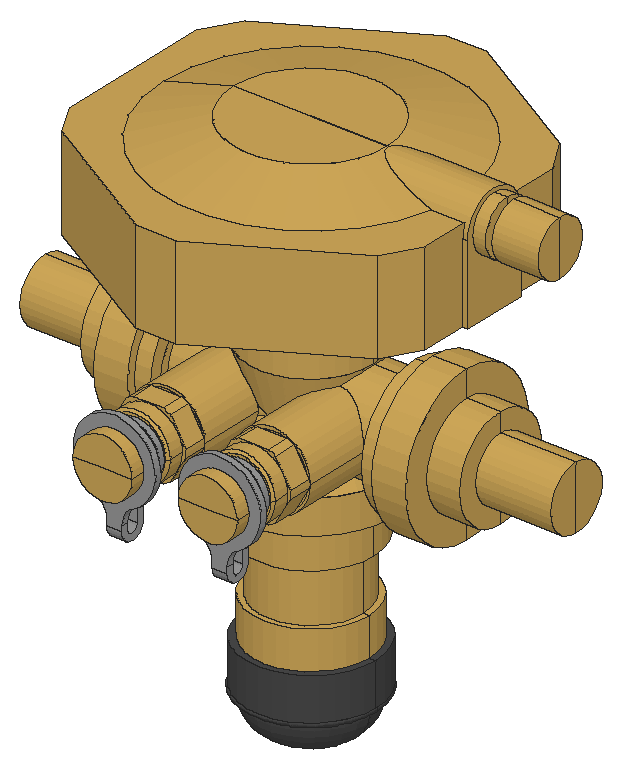
Revit family "Pressure independent control valve 4001", category Rohrzubehör, Revit 2018
Family settings
  Bemaßung runder Anschluss = Durchmesser verwenden
  Teiletyp = Unterbricht
  OmniClass-Nummer = 23.65.55.14
  OmniClass-Titel = Valves for Liquid Services
  Arbeitsebenenbasiert = Nein
  Immer vertikal = Ja
  Beim Laden mit Abzugskörper schneiden = Nein
  Gemeinsam genutzt = Nein
Parameters
  min. Operating temperature (frost protection) = -20 °C  # constant formula
  max. Operating temperature up to DN32 = 130 °C  # constant formula
  max. Operating temperature from DN40 = 110 °C  # constant formula
  max. Operating pressure = 1600000.0 Pa  # constant formula
  VRL04 = 8.000 mm  # constant formula
  VRL03 [instance] = L01 + 4.000 mm  # 12.000 mm
  VRL02 = 18.000 mm  # constant formula
  VRL01 [instance] = size_lookup("4001_", "VRL1", 30.000 mm, Nennweite)  # 30.000 mm
  URL = "www.herzvalves.com"
  SCRNSEQ = "ARM;ARM_TYP=\"DURR\";2"
  SCRNCODE = "05;04;02"  # constant formula
  S05 [instance] = VRL01  # 30.000 mm
  S04 [instance] = H08 + (S03 / 2)  # 45.750 mm
  S03 [instance] = H09 + 4.700 mm  # 26.500 mm
  S02 [instance] = VRD01 * 2  # 36.400 mm
  S01 = 10.000 mm  # constant formula
  R12 = 3.900 mm  # constant formula
  R11 = 6.500 mm  # constant formula
  R10 = 35.000 mm  # constant formula
  R09 = 18.250 mm  # constant formula
  R08 = 11.300 mm  # constant formula
  R07 [instance] = size_lookup("4001_", "R7", 17.300 mm, Nennweite)  # 17.300 mm
  R06 [instance] = size_lookup("4001_", "R6", 19.000 mm, Nennweite)  # 19.000 mm
  R05 = 15.000 mm  # constant formula
  R04 = 12.500 mm  # constant formula
  R02 [instance] = size_lookup("4001_", "R2", 15.000 mm, Nennweite)  # 15.000 mm
  R01 [instance] = size_lookup("4001_", "R1", 11.500 mm, Nennweite)  # 11.500 mm
  PN = 16  # constant formula
  Nennweite [instance] = 15.000 mm
  min. Operating temperature (pure water) = 2 °C  # constant formula
  Membranes and O-Rings = "EPDM"  # constant formula
  Medium = "water purity in accordance with the ÖNORM H 5195 and VDI 2035 standards\r\nethylene and propylene glycol can be mixed to a ratio of 25 - 50 vol. [%]."
  L06 [instance] = L00 / 2  # 33.000 mm
  L05 = 11.000 mm  # constant formula
  L04 = 1.500 mm  # constant formula
  L03 = 3.200 mm  # constant formula
  L02 = 43.500 mm  # constant formula
  L01 [instance] = size_lookup("4001_", "L1", 8.000 mm, Nennweite)  # 8.000 mm
  L00 [instance] = size_lookup("4001_", "L", 66.000 mm, Nennweite)  # 66.000 mm
  Hersteller = "Herz-Armaturen GmbH"  # constant formula
  H13 [instance] = H02 - H05 - H03 - H04 - 2.000 mm  # 17.700 mm
  H12 = 19.250 mm  # constant formula
  H11 [instance] = size_lookup("4001_", "H11", 59.000 mm, Nennweite)  # 59.000 mm
  H10 [instance] = H08 + H09  # 54.300 mm
  H09 = 21.800 mm  # constant formula
  H08 [instance] = H01 + H06 + H07  # 32.500 mm
  H07 = 4.000 mm  # constant formula
  H06 [instance] = size_lookup("4001_", "H6", 10.000 mm, Nennweite)  # 10.000 mm
  H05 = 9.000 mm  # constant formula
  H04 [instance] = size_lookup("4001_", "H4", 9.600 mm, Nennweite)  # 9.600 mm
  H03 [instance] = size_lookup("4001_", "H3", 13.000 mm, Nennweite)  # 13.000 mm
  H02 [instance] = size_lookup("4001_", "H2", 55.300 mm, Nennweite)  # 51.300 mm
  H01 [instance] = size_lookup("4001_", "H1", 18.500 mm, Nennweite)  # 18.500 mm
  Body = "dezincification-resistant brass"  # constant formula
  VRG03 [instance] = Nennweite / 2  # 7.500 mm
  G02 [instance] = size_lookup("4001_", "G2", 13.900 mm, Nennweite)  # 13.900 mm
  G01 [instance] = size_lookup("4001_", "G1", 13.200 mm, Nennweite)  # 13.200 mm
  DN50 [instance] = Nennweite = 50.000 mm  # no
  DN40 [instance] = Nennweite = 40.000 mm  # no
  DN32 [instance] = Nennweite = 32.000 mm  # no
  DN25 [instance] = Nennweite = 25.000 mm  # no
  DN20 [instance] = Nennweite = 20.000 mm  # no
  DN15 [instance] = Nennweite = 15.000 mm  # yes
  VRD03 [instance] = VRG03 + 4.500 mm  # 12.000 mm
  VRD02 [instance] = G01 + 3.000 mm  # 16.200 mm
  VRD01 [instance] = G01 + 5.000 mm  # 18.200 mm
  Bestellnummer Verschraubung [instance] = size_lookup("4001_", "Vrnr", 0, Nennweite)  # 1621011
  Bestellnummer [instance] = size_lookup("4001_", "Artnr", 0, Nennweite)  # 1400121
  Application = "the Pressure Independent Balancing Valve (PIBV) is used in all heating and cooling systems with circulation pumps.\r\nthe valve automatically maintains flow to the required part of the system at the set rate by measuring and immediately adjusting to any variation in pressure.\r\nno additional measurements are necessary and the correct flow rate is achieved at all operating conditions.\r\nthe diaphragm responds to the pressure upstream and downstream of the regulating valve (via an internal impulse line).\r\nthe valve settings directly affect the volumetric flow through the valve.\r\nit is thus possible to set the maximum flow rate based on the flow chart when the valve is fitted.\r\nthis allows for the balancing of heating circuits, cooling water systems, ceiling cooling and heating panels, air heaters, etc. without any need to first assess the pressure variations in the system.\r\nin addition to the PIBV, HERZ Ball Valves (2190) can be fitted in the corresponding flow pipe.\r\nif control measurements of the flow rate are required, then STRÖMAX-M valves (4017 M, 4117 M, 4217 GM) must be fitted instead."
Reference planes
  plane 1 "Mitte (Vorne/hinten)": y = 0
  plane 2: z = 0
  plane 3 "Mitte (Links/rechts)": x = 0
Forms (mm)
  Revolve 1, solid, material "Messing, weicher Gelbton, geschweißt", detail levels fine
    sketch origin (0, 0, 0) x (1, 0, 0) y (0, 0, 1)
      loop
        line (-33, 0) -> (33, 0) -> (33, 13.2) -> (25, 13.2) -> (25, 11.5) -> (-25, 11.5) -> (-25, 13.2) -> (-33, 13.2) -> (-33, 0)
      axis (-33, 0) -> (33, 0)
    angle from 0 to 360
  Revolve 2, solid, material "Messing, weicher Gelbton, geschweißt", detail levels fine
    sketch origin (0, 0, 0) x (1, 0, 0) y (0, 0, 1)
      loop
        line (0, -51.3) -> (0, 18.5) -> (-15, 18.5) -> (-15, 11.5) -> (-11.5, 0) -> (-19, -11.5) -> (-19, -19.7) -> (-15, -19.7) -> (-15, -29.3) -> (-12.5, -29.3) -> (-12.5, -42.3) -> (-13.9, -42.3) -> (-13.9, -51.3) -> (0, -51.3)
      axis (0, 18.5) -> (0, -51.3)
    angle from 0 to 360
  Revolve 3, solid, material "Messing, weicher Gelbton, geschweißt", detail levels fine
    sketch origin (0, 0, 0) x (1, 0, 0) y (0, 0, 1)
      loop
        line (0, 18.5) -> (0, 32.5) -> (-11.3, 32.5) -> (-11.3, 28.5) -> (-17.3, 28.5) -> (-17.3, 18.5) -> (0, 18.5)
      axis (0, 32.5) -> (0, 18.5)
    angle from 0 to 360
  Extrusion 4, solid, material "Messing, weicher Gelbton, geschweißt", detail levels fine
    sketch origin (0, 0, 0) x (0, -1, 0) y (1, 0, 0)
      loop
        line (-46, -4.75) -> (-27.114, -37.462) -> (-18.886, -42.212) -> (18.886, -42.212) -> (27.114, -37.462) -> (46, -4.75) -> (46, 4.75) -> (27.114, 37.462) -> (18.886, 42.212) -> (-18.886, 42.212) -> (-27.114, 37.462) -> (-46, 4.75) -> (-46, -4.75)
    from 32.5 to 54.3
  Revolve 5, solid, material "Messing, weicher Gelbton, geschweißt", detail levels fine
    sketch origin (0, 0, 0) x (1, 0, 0) y (0, 0, 1)
      loop
        line (0, 54.3) -> (0, 59) -> (-18.25, 59) -> (-35, 54.3) -> (0, 54.3)
      axis (0, 59) -> (0, 54.3)
    angle from 0 to 360
  Extrusion 6, solid, material "Messing, weicher Gelbton, geschweißt", detail levels fine
    sketch origin (0, 0, 0) x (0, 1, 0) y (0, 0, 1)
      loop
        arc (7.85, 51.15) -> (0, 59) -> (-7.85, 51.15) r 7.85
        line (-7.85, 51.15) -> (-7.85, 32.5) -> (7.85, 32.5) -> (7.85, 51.15)
    from 0 to 43.5
  Revolve 7, solid, material "Messing, weicher Gelbton, geschweißt", detail levels fine
    sketch origin (0, 0, 0) x (1, 0, 0) y (0, 0, 1)
      loop
        line (43.5, 51.75) -> (59.2, 51.75) -> (59.2, 58.25) -> (48.2, 58.25) -> (48.2, 55.65) -> (46.7, 55.65) -> (46.7, 58.25) -> (43.5, 58.25) -> (43.5, 51.75)
      axis (43.5, 51.75) -> (59.2, 51.75)
    angle from 0 to 360
  Revolve 8, solid, material "Messing, weicher Gelbton, geschweißt", visible <- "DN15", detail levels fine
    sketch origin (0, 0, 0) x (1, 0, 0) y (0, 1, 0)
      loop
        line (12.5, 0) -> (12.5, -27) -> (21.6, -27) -> (21.6, 0) -> (12.5, 0)
      axis (12.5, 0) -> (12.5, -27)
    angle from 0 to 360
  Revolve 9, solid, material "Messing, weicher Gelbton, geschweißt", visible <- "DN20", detail levels fine
    sketch origin (-2, 0, 0) x (1, 0, 0) y (0, 1, 0)
      loop
        line (-12.5, 27) -> (-20.2, 27) -> (-20.2, 0) -> (-21.5, 0) -> (-21.5, -29) -> (-12.5, -29) -> (-12.5, 27)
      axis (-12.5, 27) -> (-12.5, -29)
    angle from 0 to 360
  Revolve 10, solid, material "Messing, weicher Gelbton, geschweißt", visible <- "DN20", detail levels fine
    sketch origin (2, 0, 0) x (1, 0, 0) y (0, 1, 0)
      loop
        line (12.5, 0) -> (12.5, -29) -> (21.6, -29) -> (21.6, 0) -> (12.5, 0)
      axis (12.5, 0) -> (12.5, -29)
    angle from 0 to 360
  Revolve 11, solid, material "Messing, weicher Gelbton, geschweißt", visible <- "DN20", detail levels fine
    sketch origin (-14.5, 3, 0) x (0, 1, 0) y (0, 0, 1)
      loop
        line (24, 0) -> (39.7, 0) -> (39.7, 6.5) -> (28.7, 6.5) -> (28.7, 3.9) -> (27.2, 3.9) -> (27.2, 6.5) -> (24, 6.5) -> (24, 0)
      axis (24, 0) -> (39.7, 0)
    angle from 0 to 360
  Revolve 12, solid, material "Messing, weicher Gelbton, geschweißt", visible <- "DN25", detail levels fine
    sketch origin (-2.1, 0, 0) x (1, 0, 0) y (0, 1, 0)
      loop
        line (-12.5, 27) -> (-20.2, 27) -> (-20.2, 0) -> (-21.5, 0) -> (-21.5, -29) -> (-12.5, -29) -> (-12.5, 27)
      axis (-12.5, 27) -> (-12.5, -29)
    angle from 0 to 360
  Revolve 13, solid, material "Messing, weicher Gelbton, geschweißt", visible <- "DN25", detail levels fine
    sketch origin (-14.6, 3, 0) x (0, 1, 0) y (0, 0, 1)
      loop
        line (24, 0) -> (39.7, 0) -> (39.7, 6.5) -> (28.7, 6.5) -> (28.7, 3.9) -> (27.2, 3.9) -> (27.2, 6.5) -> (24, 6.5) -> (24, 0)
      axis (24, 0) -> (39.7, 0)
    angle from 0 to 360
  Revolve 14, solid, material "Messing, weicher Gelbton, geschweißt", visible <- "DN25", detail levels fine
    sketch origin (2.1, 0, 0) x (1, 0, 0) y (0, 1, 0)
      loop
        line (12.5, 0) -> (12.5, -29) -> (21.6, -29) -> (21.6, 0) -> (12.5, 0)
      axis (12.5, 0) -> (12.5, -29)
    angle from 0 to 360
  Revolve 15, solid, material "Messing, weicher Gelbton, geschweißt", visible <- "DN32", detail levels fine
    sketch origin (0, 0, 0.637) x (1, 0, 0) y (0, 0, 1)
      loop
        line (-31.5, -0.637) -> (-40.5, -0.637) -> (-40.5, -43.437) -> (-31.5, -43.437) -> (-31.5, -0.637)
      axis (-31.5, -43.437) -> (-31.5, -0.637)
    angle from 0 to 360
  Revolve 16, solid, material "Messing, weicher Gelbton, geschweißt", visible <- "DN32", detail levels fine
    sketch origin (0, 0, 0.637) x (-1, 0, 0) y (0, 0, 1)
      loop
        line (-31.5, -0.637) -> (-40.5, -0.637) -> (-40.5, -43.437) -> (-31.5, -43.437) -> (-31.5, -0.637)
      axis (-31.5, -43.437) -> (-31.5, -0.637)
    angle from 0 to 360
  Revolve 17, solid, material "Messing, weicher Gelbton, geschweißt", visible <- "DN40", detail levels fine
    sketch origin (0, 0, 0) x (1, 0, 0) y (0, 0, 1)
      loop
        line (-37, 0) -> (-46, 0) -> (-46, -54.2) -> (-37, -54.2) -> (-37, 0)
      axis (-37, 0) -> (-37, -54.2)
    angle from 0 to 360
  Revolve 18, solid, material "Messing, weicher Gelbton, geschweißt", visible <- "DN40", detail levels fine
    sketch origin (0, 0, 0) x (-1, 0, 0) y (0, 0, 1)
      loop
        line (-37, 0) -> (-46, 0) -> (-46, -54.2) -> (-37, -54.2) -> (-37, 0)
      axis (-37, 0) -> (-37, -54.2)
    angle from 0 to 360
  Revolve 19, solid, material "Messing, weicher Gelbton, geschweißt", visible <- "DN50", detail levels fine
    sketch origin (-0.1, 0, 0) x (1, 0, 0) y (0, 0, 1)
      loop
        line (-37, 0) -> (-46, 0) -> (-46, -54.2) -> (-37, -54.2) -> (-37, 0)
      axis (-37, 0) -> (-37, -54.2)
    angle from 0 to 360
  Revolve 20, solid, material "Messing, weicher Gelbton, geschweißt", visible <- "DN50", detail levels fine
    sketch origin (0.1, 0, 0) x (-1, 0, 0) y (0, 0, 1)
      loop
        line (-37, 0) -> (-46, 0) -> (-46, -54.2) -> (-37, -54.2) -> (-37, 0)
      axis (-37, 0) -> (-37, -54.2)
    angle from 0 to 360
  Revolve 21, solid, material "Messing, weicher Gelbton, geschweißt", detail levels fine
    sketch origin (-97.028, 0, 0) x (1, 0, 0) y (0, 0, 1)
      loop
        line (130.028, 0) -> (160.028, 0) -> (160.028, 7.5) -> (142.028, 7.5) -> (142.028, 12) -> (134.028, 12) -> (134.028, 18.2) -> (126.028, 18.2) -> (126.028, 16.2) -> (122.028, 16.2) -> (122.028, 13.2) -> (130.028, 13.2) -> (130.028, 0)
      axis (122.028, 0) -> (160.028, 0)
    angle from 0 to 360
  Revolve 22, solid, material "Messing, weicher Gelbton, geschweißt", detail levels fine
    sketch origin (97.028, 0, 0) x (-1, 0, 0) y (0, 0, 1)
      loop
        line (130.028, 0) -> (160.028, 0) -> (160.028, 7.5) -> (142.028, 7.5) -> (142.028, 12) -> (134.028, 12) -> (134.028, 18.2) -> (126.028, 18.2) -> (126.028, 16.2) -> (122.028, 16.2) -> (122.028, 13.2) -> (130.028, 13.2) -> (130.028, 0)
      axis (122.028, 0) -> (160.028, 0)
    angle from 0 to 360
  Revolve 23, solid, material "Messing, weicher Gelbton, geschweißt", visible <- "DN15", detail levels fine
    sketch origin (-25, 0, 0) x (-1, 0, 0) y (0, -1, 0)
      loop
        line (-12.5, -24) -> (-12.5, 27) -> (-21.5, 27) -> (-21.5, 0) -> (-20.2, 0) -> (-20.2, -24) -> (-12.5, -24)
      axis (-12.5, -24) -> (-12.5, 27)
    angle from 0 to 360
  Revolve 24, solid, material "Messing, weicher Gelbton, geschweißt", visible <- "DN15", detail levels fine
    sketch origin (-12.5, 0, 0) x (0, -1, 0) y (0, 0, 1)
      loop
        line (-24, 0) -> (-24, 6.5) -> (-27.2, 6.5) -> (-27.2, 3.9) -> (-28.7, 3.9) -> (-28.7, 6.5) -> (-39.7, 6.5) -> (-39.7, 0) -> (-24, 0)
      axis (-24, 0) -> (-39.7, 0)
    angle from 0 to 360
  Revolve 25, solid, material "Messing, weicher Gelbton, geschweißt", visible <- "DN32", detail levels fine
    sketch origin (-9.5, 0, 0) x (1, 0, 0) y (0, 1, 0)
      loop
        line (-12.5, -31) -> (-12.5, 0) -> (-20.2, 0) -> (-20.2, -31) -> (-12.5, -31)
      axis (-12.5, 0) -> (-12.5, -31)
    angle from 0 to 360
  Revolve 26, solid, material "Messing, weicher Gelbton, geschweißt", visible <- "DN32", detail levels fine
    sketch origin (-22, -7, 0) x (0, -1, 0) y (0, 0, -1)
      loop
        line (24, 0) -> (24, -6.5) -> (27.2, -6.5) -> (27.2, -3.9) -> (28.7, -3.9) -> (28.7, -6.5) -> (39.7, -6.5) -> (39.7, 0) -> (24, 0)
      axis (24, 0) -> (39.7, 0)
    angle from 0 to 360
  Revolve 27, solid, material "Messing, weicher Gelbton, geschweißt", visible <- "DN40", detail levels fine
    sketch origin (-17.5, 0, 0) x (1, 0, 0) y (0, 1, 0)
      loop
        line (-12.5, -39.5) -> (-12.5, 0) -> (-20.2, 0) -> (-20.2, -39.5) -> (-12.5, -39.5)
      axis (-12.5, 0) -> (-12.5, -39.5)
    angle from 0 to 360
  Revolve 28, solid, material "Messing, weicher Gelbton, geschweißt", visible <- "DN40", detail levels fine
    sketch origin (-30, -15.5, 0) x (0, -1, 0) y (0, 0, -1)
      loop
        line (24, 0) -> (24, -6.5) -> (27.2, -6.5) -> (27.2, -3.9) -> (28.7, -3.9) -> (28.7, -6.5) -> (39.7, -6.5) -> (39.7, 0) -> (24, 0)
      axis (24, 0) -> (39.7, 0)
    angle from 0 to 360
  Revolve 29, solid, material "Messing, weicher Gelbton, geschweißt", visible <- "DN50", detail levels fine
    sketch origin (-17.6, 0, 0) x (1, 0, 0) y (0, 1, 0)
      loop
        line (-12.5, -39.5) -> (-12.5, 0) -> (-20.2, 0) -> (-20.2, -39.5) -> (-12.5, -39.5)
      axis (-12.5, 0) -> (-12.5, -39.5)
    angle from 0 to 360
  Revolve 30, solid, material "Messing, weicher Gelbton, geschweißt", visible <- "DN50", detail levels fine
    sketch origin (-30.1, -15.5, 0) x (0, -1, 0) y (0, 0, -1)
      loop
        line (24, 0) -> (24, -6.5) -> (27.2, -6.5) -> (27.2, -3.9) -> (28.7, -3.9) -> (28.7, -6.5) -> (39.7, -6.5) -> (39.7, 0) -> (24, 0)
      axis (24, 0) -> (39.7, 0)
    angle from 0 to 360
Lines and regions (mm)
  model lines, detail levels coarse+medium
    curve 1: line (33, -18.2, 0) -> (33, 18.2, 0)
    curve 2: line (33, 18.2, 0) -> (-33, -18.2, 0)
    curve 3: line (-33, -18.2, 0) -> (-33, 18.2, 0)
    curve 4: line (-33, 18.2, 0) -> (33, -18.2, 0)
    curve 5: line (0, -18.5, 0) -> (0, -32.5, 0)
    curve 6: spline (-43.5, -45.75, 0) -> (-42.018, -42.321, 0) -> (-37.672, -39.125, 0) -> (-30.759, -36.381, 0) -> (-21.75, -34.275, 0) -> (-11.259, -32.951, 0) -> (0, -32.5, 0) -> (11.259, -32.951, 0) -> (21.75, -34.275, 0) -> (30.759, -36.381, 0) -> (37.672, -39.125, 0) -> (42.018, -42.321, 0) -> (43.5, -45.75, 0) -> (42.018, -49.179, 0) -> (37.672, -52.375, 0) -> (30.759, -55.119, 0) -> (21.75, -57.225, 0) -> (11.259, -58.549, 0) -> (0, -59, 0) -> (-11.259, -58.549, 0) -> (-21.75, -57.225, 0) -> (-30.759, -55.119, 0) -> (-37.672, -52.375, 0) -> (-42.018, -49.179, 0) -> (-43.5, -45.75, 0)
    curve 7: line (-33, 0, 18.2) -> (-33, 0, -18.2)
    curve 8: line (-33, 0, -18.2) -> (33, 0, 18.2)
    curve 9: line (33, 0, 18.2) -> (33, 0, -18.2)
    curve 10: line (33, 0, -18.2) -> (-33, 0, 18.2)
    curve 11: line (0, 0, 18.5) -> (0, 0, 32.5)
    curve 12: spline (-43.5, 0, 45.75) -> (-42.018, 0, 49.179) -> (-37.672, 0, 52.375) -> (-30.759, 0, 55.119) -> (-21.75, 0, 57.225) -> (-11.259, 0, 58.549) -> (0, 0, 59) -> (11.259, 0, 58.549) -> (21.75, 0, 57.225) -> (30.759, 0, 55.119) -> (37.672, 0, 52.375) -> (42.018, 0, 49.179) -> (43.5, 0, 45.75) -> (42.018, 0, 42.321) -> (37.672, 0, 39.125) -> (30.759, 0, 36.381) -> (21.75, 0, 34.275) -> (11.259, 0, 32.951) -> (0, 0, 32.5) -> (-11.259, 0, 32.951) -> (-21.75, 0, 34.275) -> (-30.759, 0, 36.381) -> (-37.672, 0, 39.125) -> (-42.018, 0, 42.321) -> (-43.5, 0, 45.75)
    curve 13: line (0, 0, 18.5) -> (16.5, 0, 9.1)
    curve 14: line (0, 0, 18.5) -> (-16.5, 0, 9.1)
    curve 15: line (33, 0, 18.2) -> (43, 0, 18.2)
    curve 16: line (43, 0, 18.2) -> (33, 0, 0)
    curve 17: line (33, 0, -18.2) -> (43, 0, -18.2)
    curve 18: line (43, 0, -18.2) -> (33, 0, 0)
    curve 19: line (33, 0, 0) -> (63, 0, 0)
    curve 20: line (-33, 0, 18.2) -> (-43, 0, 18.2)
    curve 21: line (-43, 0, 18.2) -> (-33, 0, 0)
    curve 22: line (-33, 0, -18.2) -> (-43, 0, -18.2)
    curve 23: line (-43, 0, -18.2) -> (-33, 0, 0)
    curve 24: line (-33, 0, 0) -> (-63, 0, 0)
    curve 25: line (0, -18.5, 0) -> (-16.5, -9.1, 0)
    curve 26: line (0, -18.5, 0) -> (16.5, -9.1, 0)
    curve 27: line (33, 18.2, 0) -> (43, 18.2, 0)
    curve 28: line (43, 18.2, 0) -> (33, 0, 0)
    curve 29: line (33, -18.2, 0) -> (43, -18.2, 0)
    curve 30: line (43, -18.2, 0) -> (33, 0, 0)
    curve 31: line (-33, 18.2, 0) -> (-43, 18.2, 0)
    curve 32: line (-43, 18.2, 0) -> (-33, 0, 0)
    curve 33: line (-33, -18.2, 0) -> (-43, -18.2, 0)
    curve 34: line (-43, -18.2, 0) -> (-33, 0, 0)
Dimensions and locks
  equal spacing: Revolve 1 sketch curve, plane 3 "Mitte (Links/rechts)", Revolve 1 sketch curve
  "L00": Revolve 1 sketch curve to Revolve 1 sketch curve
  "G01": Revolve 1 sketch curve to Revolve 1 sketch curve  (x2)
  "R01": Revolve 1 sketch curve to Revolve 1 sketch curve
  "L01": Revolve 1 sketch curve to Revolve 1 sketch curve  (x2)
  "H01": Revolve 2 sketch curve to plane 2
  "R01": Revolve 2 sketch curve to plane 2
  "R02": Revolve 2 sketch curve to Revolve 2 sketch curve
  "R01": Revolve 2 sketch curve to Revolve 2 sketch curve
  "H02": plane 2 to Revolve 2 sketch curve
  "G02": plane 3 "Mitte (Links/rechts)" to Revolve 2 sketch curve
  "H05": Revolve 2 sketch curve to Revolve 2 sketch curve
  "R04": Revolve 2 sketch curve to Revolve 2 sketch curve
  "R05": Revolve 2 sketch curve to Revolve 2 sketch curve
  "R06": Revolve 2 sketch curve to Revolve 2 sketch curve
  "R01": plane 2 to Revolve 2 sketch curve
  "H03": Revolve 2 sketch curve to Revolve 2 sketch curve
  "H04": Revolve 2 sketch curve to Revolve 2 sketch curve
  "H01": Revolve 3 sketch curve to plane 2
  "H06": Revolve 3 sketch curve to Revolve 3 sketch curve
  "R07": Revolve 3 sketch curve to Revolve 3 sketch curve
  "H07": Revolve 3 sketch curve to Revolve 3 sketch curve
  "R08": Revolve 3 sketch curve to Revolve 3 sketch curve
  "H08": Extrusion 4 to plane 2
  "H09": Extrusion 4 to Extrusion 4
  "H10": Revolve 5 sketch curve to plane 2
  "H11": Revolve 5 sketch curve to plane 2
  "R09": Revolve 5 sketch curve to Revolve 5 sketch curve
  "R10": Revolve 5 sketch curve to Revolve 5 sketch curve
  "L02": Extrusion 6 to plane 3 "Mitte (Links/rechts)"
  "H08": Extrusion 6 to plane 2
  "H12": Revolve 7 sketch curve to Extrusion 4
  "R11": Revolve 7 sketch curve to Revolve 7 sketch curve  (x2)
  "L03": Revolve 7 sketch curve to Revolve 7 sketch curve
  "L04": Revolve 7 sketch curve to Revolve 7 sketch curve
  "L05": Revolve 7 sketch curve to Revolve 7 sketch curve
  "R12": Revolve 7 sketch curve to Revolve 7 sketch curve
  "R06": plane 1 "Mitte (Vorne/hinten)" to nested 1
  Revolve 9 sketch curve to plane 1 "Mitte (Vorne/hinten)" = 29.000 mm
  plane 1 "Mitte (Vorne/hinten)" to Revolve 9 sketch curve = 27.000 mm
  Revolve 10 sketch curve to plane 1 "Mitte (Vorne/hinten)" = 29.000 mm
  "R11": Revolve 11 sketch curve to Revolve 11 sketch curve  (x2)
  "L03": Revolve 11 sketch curve to Revolve 11 sketch curve
  "L04": Revolve 11 sketch curve to Revolve 11 sketch curve
  "L05": Revolve 11 sketch curve to Revolve 11 sketch curve
  "R12": Revolve 11 sketch curve to Revolve 11 sketch curve
  "H13": plane 2 to nested 1
  "R11": Revolve 13 sketch curve to Revolve 13 sketch curve  (x2)
  "L03": Revolve 13 sketch curve to Revolve 13 sketch curve
  "L04": Revolve 13 sketch curve to Revolve 13 sketch curve
  "L05": Revolve 13 sketch curve to Revolve 13 sketch curve
  "R12": Revolve 13 sketch curve to Revolve 13 sketch curve
  plane 3 "Mitte (Links/rechts)" to Revolve 15 sketch curve = 31.500 mm
  Revolve 15 sketch curve to Revolve 15 sketch curve = 9.000 mm
  plane 2 to Revolve 15 sketch curve = 42.800 mm
  Revolve 16 sketch curve to Revolve 16 sketch curve = 9.000 mm
  "VRL01": Revolve 21 sketch curve to Revolve 21 sketch curve
  "L01": Revolve 21 sketch curve to Revolve 21 sketch curve
  "G01": Revolve 21 sketch curve to plane 2
  "VRD02": Revolve 21 sketch curve to plane 2
  "VRD01": Revolve 21 sketch curve to plane 2
  "VRG03": Revolve 21 sketch curve to Revolve 21 sketch curve
  "VRL02": Revolve 21 sketch curve to Revolve 21 sketch curve
  "VRD03": Revolve 21 sketch curve to Revolve 21 sketch curve
  "VRL03": Revolve 21 sketch curve to Revolve 21 sketch curve
  "VRL04": Revolve 21 sketch curve to Revolve 21 sketch curve
  "L06": plane 3 "Mitte (Links/rechts)" to Revolve 21 sketch curve
  "VRL01": Revolve 22 sketch curve to Revolve 22 sketch curve
  "L01": Revolve 22 sketch curve to Revolve 22 sketch curve
  "VRG03": Revolve 22 sketch curve to Revolve 22 sketch curve
  "VRL02": Revolve 22 sketch curve to Revolve 22 sketch curve
  "VRD03": Revolve 22 sketch curve to Revolve 22 sketch curve
  "VRL03": Revolve 22 sketch curve to Revolve 22 sketch curve
  "VRL04": Revolve 22 sketch curve to Revolve 22 sketch curve
  "L06": Revolve 22 sketch curve to plane 3 "Mitte (Links/rechts)"
  "H02": plane 2 to nested 2
  equal spacing: curve 3, plane 3 "Mitte (Links/rechts)", curve 1
  "L00": curve 3 to curve 1
  "S02": curve 4 to curve 3
  equal spacing: curve 3, plane 1 "Mitte (Vorne/hinten)", curve 4
  "VRD01": Revolve 22 sketch curve to plane 2
  "VRD02": Revolve 22 sketch curve to plane 2
  equal spacing: curve 4, plane 1 "Mitte (Vorne/hinten)", curve 2
  "S02": curve 2 to curve 4
  "S03": curve 6 to curve 6
  "L02": curve 6 to plane 3 "Mitte (Links/rechts)"
  "L02": plane 3 "Mitte (Links/rechts)" to curve 6
  "S04": curve 6 to plane 1 "Mitte (Vorne/hinten)"
  "H08": curve 5 to plane 1 "Mitte (Vorne/hinten)"
  "S02": curve 10 to curve 8
  equal spacing: curve 10, plane 2, curve 8
  "S02": curve 9 to curve 10
  equal spacing: curve 9, plane 2, curve 10
  "L00": curve 7 to curve 9
  equal spacing: curve 7, plane 3 "Mitte (Links/rechts)", curve 9
  "H08": curve 11 to plane 2
  "S03": curve 12 to curve 12
  "L02": curve 12 to plane 3 "Mitte (Links/rechts)"
  "L02": plane 3 "Mitte (Links/rechts)" to curve 12
  "S04": curve 12 to plane 2
  equal spacing: plane 3 "Mitte (Links/rechts)", curve 14, curve 7
  equal spacing: curve 9, curve 13, plane 3 "Mitte (Links/rechts)"
  "H01": curve 14 to plane 2
  "S01": curve 9 to curve 16
  "S01": curve 9 to curve 18
  "S05": curve 19 to curve 19
  "S05": curve 24 to curve 24
  "S01": curve 21 to curve 7
  "S01": curve 23 to curve 7
  equal spacing: curve 3, curve 25, plane 3 "Mitte (Links/rechts)"
  equal spacing: plane 3 "Mitte (Links/rechts)", curve 26, curve 1
  "H01": curve 26 to plane 1 "Mitte (Vorne/hinten)"
  "S01": curve 1 to curve 28
  "S01": curve 1 to curve 30
  "S01": curve 32 to curve 3
  "S01": curve 34 to curve 3
  "R11": Revolve 24 sketch curve to Revolve 24 sketch curve  (x2)
  "L03": Revolve 24 sketch curve to Revolve 24 sketch curve
  "L04": Revolve 24 sketch curve to Revolve 24 sketch curve
  "L05": Revolve 24 sketch curve to Revolve 24 sketch curve
  "R12": Revolve 24 sketch curve to Revolve 24 sketch curve
  "R11": Revolve 26 sketch curve to Revolve 26 sketch curve  (x2)
  "L03": Revolve 26 sketch curve to Revolve 26 sketch curve
  "L04": Revolve 26 sketch curve to Revolve 26 sketch curve
  "L05": Revolve 26 sketch curve to Revolve 26 sketch curve
  "R12": Revolve 26 sketch curve to Revolve 26 sketch curve
  Revolve 25 sketch curve to Revolve 25 sketch curve = 31.000 mm
  "R11": Revolve 28 sketch curve to Revolve 28 sketch curve  (x2)
  "L03": Revolve 28 sketch curve to Revolve 28 sketch curve
  "L04": Revolve 28 sketch curve to Revolve 28 sketch curve
  "L05": Revolve 28 sketch curve to Revolve 28 sketch curve
  "R12": Revolve 28 sketch curve to Revolve 28 sketch curve
  Revolve 27 sketch curve to Revolve 27 sketch curve = 39.500 mm
  "R11": Revolve 30 sketch curve to Revolve 30 sketch curve  (x2)
  "L03": Revolve 30 sketch curve to Revolve 30 sketch curve
  "L04": Revolve 30 sketch curve to Revolve 30 sketch curve
  "L05": Revolve 30 sketch curve to Revolve 30 sketch curve
  "R12": Revolve 30 sketch curve to Revolve 30 sketch curve
  Revolve 29 sketch curve to Revolve 29 sketch curve = 39.500 mm
  aligned and locked: level to plane 2
Automatic sketch dimensions
  plane 3 "Mitte (Links/rechts)" to Extrusion 4 sketch curve = 4.750 mm  (x2)
  Extrusion 4 sketch curve to plane 1 "Mitte (Vorne/hinten)" = 46.000 mm
  Extrusion 4 sketch curve to plane 1 "Mitte (Vorne/hinten)" = 27.114 mm  (x2)
  Extrusion 4 sketch curve to Extrusion 4 sketch curve = 8.227 mm  (x4)
  plane 1 "Mitte (Vorne/hinten)" to Extrusion 4 sketch curve = 18.886 mm  (x2)
  Extrusion 4 sketch curve to Extrusion 4 sketch curve = 18.886 mm
  Extrusion 4 sketch curve to plane 3 "Mitte (Links/rechts)" = 4.750 mm  (x2)
  Extrusion 4 sketch curve to plane 3 "Mitte (Links/rechts)" = 37.462 mm  (x2)
  Extrusion 4 sketch curve to Extrusion 4 sketch curve = 4.750 mm  (x2)
  plane 3 "Mitte (Links/rechts)" to Extrusion 4 sketch curve = 37.462 mm  (x2)
  Extrusion 6 sketch curve to plane 1 "Mitte (Vorne/hinten)" = 0.000 mm
  plane 1 "Mitte (Vorne/hinten)" to Extrusion 6 sketch curve = 7.850 mm
  level to Extrusion 6 sketch curve = 32.500 mm
  Extrusion 6 sketch curve to Extrusion 6 sketch curve = 18.650 mm
  Extrusion 6 sketch curve to Extrusion 6 sketch curve = 0.000 mm
  plane 1 "Mitte (Vorne/hinten)" to Revolve 8 sketch curve = 0.000 mm  (x2)
  plane 3 "Mitte (Links/rechts)" to Revolve 8 sketch curve = 12.500 mm
  Revolve 8 sketch curve to Revolve 8 sketch curve = 9.100 mm
  plane 1 "Mitte (Vorne/hinten)" to Revolve 8 sketch curve = 27.000 mm
  Revolve 8 sketch curve to Revolve 8 sketch curve = 0.000 mm  (x2)
  plane 1 "Mitte (Vorne/hinten)" to Revolve 9 sketch curve = 0.000 mm
  Revolve 9 sketch curve to plane 3 "Mitte (Links/rechts)" = 23.500 mm
  Revolve 9 sketch curve to plane 3 "Mitte (Links/rechts)" = 22.200 mm
  Revolve 9 sketch curve to Revolve 9 sketch curve = 7.700 mm
  Revolve 9 sketch curve to Revolve 9 sketch curve = 0.000 mm
  Revolve 9 sketch curve to Revolve 9 sketch curve = 2.000 mm
  Revolve 9 sketch curve to Revolve 9 sketch curve = 3.000 mm
  plane 1 "Mitte (Vorne/hinten)" to Revolve 10 sketch curve = 0.000 mm  (x2)
  plane 3 "Mitte (Links/rechts)" to Revolve 10 sketch curve = 14.500 mm
  Revolve 10 sketch curve to Revolve 10 sketch curve = 9.100 mm
  Revolve 10 sketch curve to Revolve 10 sketch curve = 0.000 mm
  Revolve 10 sketch curve to Revolve 10 sketch curve = 2.000 mm
  plane 1 "Mitte (Vorne/hinten)" to Revolve 12 sketch curve = 0.000 mm
  Revolve 12 sketch curve to plane 3 "Mitte (Links/rechts)" = 23.600 mm
  Revolve 12 sketch curve to plane 3 "Mitte (Links/rechts)" = 22.300 mm
  Revolve 12 sketch curve to Revolve 12 sketch curve = 7.700 mm
  plane 1 "Mitte (Vorne/hinten)" to Revolve 12 sketch curve = 29.000 mm
  Revolve 12 sketch curve to Revolve 12 sketch curve = 27.000 mm
  Revolve 12 sketch curve to Revolve 12 sketch curve = 0.000 mm
  Revolve 12 sketch curve to Revolve 12 sketch curve = 2.000 mm
  Revolve 12 sketch curve to Revolve 12 sketch curve = 3.000 mm
  plane 1 "Mitte (Vorne/hinten)" to Revolve 14 sketch curve = 0.000 mm  (x2)
  plane 3 "Mitte (Links/rechts)" to Revolve 14 sketch curve = 14.600 mm
  Revolve 14 sketch curve to Revolve 14 sketch curve = 9.100 mm
  Revolve 14 sketch curve to Revolve 14 sketch curve = 29.000 mm
  Revolve 14 sketch curve to Revolve 14 sketch curve = 0.000 mm
  Revolve 14 sketch curve to Revolve 14 sketch curve = 2.000 mm
  Revolve 15 sketch curve to level = 0.000 mm
  Revolve 15 sketch curve to Revolve 15 sketch curve = 0.000 mm
  Revolve 15 sketch curve to Revolve 15 sketch curve = 4.238 mm
  level to Revolve 15 sketch curve = 0.637 mm
  Revolve 16 sketch curve to level = 0.000 mm
  Revolve 16 sketch curve to plane 3 "Mitte (Links/rechts)" = 40.500 mm
  level to Revolve 16 sketch curve = 42.800 mm
  Revolve 16 sketch curve to Revolve 16 sketch curve = 0.000 mm
  Revolve 16 sketch curve to Revolve 16 sketch curve = 4.238 mm
  Revolve 16 sketch curve to level = 0.637 mm
  Revolve 17 sketch curve to level = 0.000 mm  (x2)
  Revolve 17 sketch curve to plane 3 "Mitte (Links/rechts)" = 46.000 mm
  Revolve 17 sketch curve to Revolve 17 sketch curve = 9.000 mm
  Revolve 17 sketch curve to level = 54.200 mm
  Revolve 17 sketch curve to Revolve 17 sketch curve = 0.000 mm  (x2)
  Revolve 18 sketch curve to level = 0.000 mm  (x2)
  Revolve 18 sketch curve to plane 3 "Mitte (Links/rechts)" = 46.000 mm
  Revolve 18 sketch curve to Revolve 18 sketch curve = 9.000 mm
  level to Revolve 18 sketch curve = 54.200 mm
  Revolve 18 sketch curve to Revolve 18 sketch curve = 0.000 mm  (x2)
  Revolve 19 sketch curve to level = 0.000 mm  (x2)
  Revolve 19 sketch curve to plane 3 "Mitte (Links/rechts)" = 46.100 mm
  Revolve 19 sketch curve to Revolve 19 sketch curve = 9.000 mm
  Revolve 19 sketch curve to Revolve 19 sketch curve = 54.200 mm
  Revolve 19 sketch curve to Revolve 19 sketch curve = 0.000 mm  (x2)
  Revolve 20 sketch curve to level = 0.000 mm  (x2)
  Revolve 20 sketch curve to plane 3 "Mitte (Links/rechts)" = 46.100 mm
  Revolve 20 sketch curve to Revolve 20 sketch curve = 9.000 mm
  Revolve 20 sketch curve to Revolve 20 sketch curve = 54.200 mm
  Revolve 20 sketch curve to Revolve 20 sketch curve = 0.000 mm  (x2)
  plane 1 "Mitte (Vorne/hinten)" to Revolve 23 sketch curve = 0.000 mm
  Revolve 23 sketch curve to plane 3 "Mitte (Links/rechts)" = 3.500 mm
  Revolve 23 sketch curve to plane 3 "Mitte (Links/rechts)" = 4.800 mm
  Revolve 23 sketch curve to Revolve 23 sketch curve = 7.700 mm
  Revolve 23 sketch curve to plane 1 "Mitte (Vorne/hinten)" = 24.000 mm
  plane 1 "Mitte (Vorne/hinten)" to Revolve 23 sketch curve = 27.000 mm
  Revolve 23 sketch curve to Revolve 23 sketch curve = 0.000 mm  (x3)
  plane 1 "Mitte (Vorne/hinten)" to Revolve 25 sketch curve = 0.000 mm  (x2)
  Revolve 25 sketch curve to plane 3 "Mitte (Links/rechts)" = 29.700 mm
  Revolve 25 sketch curve to Revolve 25 sketch curve = 7.700 mm
  Revolve 25 sketch curve to Revolve 25 sketch curve = 0.000 mm
  Revolve 25 sketch curve to Revolve 25 sketch curve = 7.000 mm
  plane 1 "Mitte (Vorne/hinten)" to Revolve 27 sketch curve = 0.000 mm  (x2)
  Revolve 27 sketch curve to plane 3 "Mitte (Links/rechts)" = 37.700 mm
  Revolve 27 sketch curve to Revolve 27 sketch curve = 7.700 mm
  Revolve 27 sketch curve to Revolve 27 sketch curve = 0.000 mm
  Revolve 27 sketch curve to Revolve 27 sketch curve = 15.500 mm
  plane 1 "Mitte (Vorne/hinten)" to Revolve 29 sketch curve = 0.000 mm  (x2)
  Revolve 29 sketch curve to plane 3 "Mitte (Links/rechts)" = 37.800 mm
  Revolve 29 sketch curve to Revolve 29 sketch curve = 7.700 mm
  Revolve 29 sketch curve to Revolve 29 sketch curve = 0.000 mm
  Revolve 29 sketch curve to Revolve 29 sketch curve = 15.500 mm
  curve 11 to plane 3 "Mitte (Links/rechts)" = 0.000 mm
  curve 18 to level = 0.000 mm
  curve 21 to level = 0.000 mm
  curve 26 to plane 3 "Mitte (Links/rechts)" = 0.000 mm
  plane 1 "Mitte (Vorne/hinten)" to curve 28 = 0.000 mm
  plane 1 "Mitte (Vorne/hinten)" to curve 32 = 0.000 mm
  plane 1 "Mitte (Vorne/hinten)" to curve 30 = 0.000 mm
  plane 1 "Mitte (Vorne/hinten)" to curve 34 = 0.000 mm
  Revolve 1 sketch curve to level = 0.000 mm  (x2)
  Revolve 1 sketch curve to Revolve 1 sketch curve = 1473.530 mm
  Revolve 1 sketch curve to Revolve 1 sketch curve = 1806.148 mm
  Revolve 2 sketch curve to level = 0.000 mm
  Revolve 2 sketch curve to plane 3 "Mitte (Links/rechts)" = 0.000 mm  (x2)
  Revolve 2 sketch curve to Revolve 2 sketch curve = 310.745 mm
  Revolve 2 sketch curve to Revolve 2 sketch curve = 2195.815 mm
  Revolve 3 sketch curve to plane 3 "Mitte (Links/rechts)" = 0.000 mm  (x2)
  Revolve 3 sketch curve to level = 366.045 mm
  Revolve 3 sketch curve to Revolve 3 sketch curve = 2178.815 mm
  Revolve 5 sketch curve to plane 3 "Mitte (Links/rechts)" = 0.000 mm  (x2)
  Revolve 5 sketch curve to level = 366.045 mm
  Revolve 5 sketch curve to Revolve 5 sketch curve = 2155.315 mm
  plane 3 "Mitte (Links/rechts)" to Revolve 7 sketch curve = 43.500 mm
  Revolve 7 sketch curve to Revolve 7 sketch curve = 0.000 mm  (x3)
  Revolve 11 sketch curve to level = 0.000 mm  (x2)
  Revolve 11 sketch curve to plane 1 "Mitte (Vorne/hinten)" = 27.000 mm
  Revolve 11 sketch curve to Revolve 11 sketch curve = 0.000 mm  (x2)
  Revolve 13 sketch curve to level = 0.000 mm  (x2)
  Revolve 13 sketch curve to plane 1 "Mitte (Vorne/hinten)" = 27.000 mm
  Revolve 13 sketch curve to Revolve 13 sketch curve = 0.000 mm  (x2)
  Revolve 21 sketch curve to level = 0.000 mm  (x2)
  Revolve 21 sketch curve to plane 3 "Mitte (Links/rechts)" = 1603.558 mm
  Revolve 21 sketch curve to Revolve 21 sketch curve = 1682.120 mm
  Revolve 22 sketch curve to level = 0.000 mm  (x2)
  Revolve 22 sketch curve to Revolve 22 sketch curve = 3.000 mm
  Revolve 22 sketch curve to plane 3 "Mitte (Links/rechts)" = 1603.558 mm
  Revolve 22 sketch curve to Revolve 22 sketch curve = 1682.120 mm
  Revolve 24 sketch curve to level = 0.000 mm  (x2)
  Revolve 24 sketch curve to plane 1 "Mitte (Vorne/hinten)" = 39.700 mm
  Revolve 24 sketch curve to Revolve 24 sketch curve = 0.000 mm  (x2)
  Revolve 26 sketch curve to level = 0.000 mm  (x2)
  plane 1 "Mitte (Vorne/hinten)" to Revolve 26 sketch curve = 31.000 mm
  Revolve 26 sketch curve to Revolve 26 sketch curve = 0.000 mm  (x2)
  Revolve 28 sketch curve to level = 0.000 mm  (x2)
  plane 1 "Mitte (Vorne/hinten)" to Revolve 28 sketch curve = 39.500 mm
  Revolve 28 sketch curve to Revolve 28 sketch curve = 0.000 mm  (x2)
  Revolve 30 sketch curve to level = 0.000 mm  (x2)
  plane 1 "Mitte (Vorne/hinten)" to Revolve 30 sketch curve = 39.500 mm
  Revolve 30 sketch curve to Revolve 30 sketch curve = 0.000 mm  (x2)
Nested families
  nested 1: "Herz-Logo-vorne" at (-0.018, -19, -13.2) x (0, 1, 0) z (0, 0, 1), type "Herz-Logo-vorne", detail levels fine
  nested 2: "Bauschutzkappe für Kombiventil" at (0, 0, -51.3), type "Bauschutzkappe für Kombiventil", detail levels fine
  nested 3: "Messstutzen_Band_Eintritt" at (-14.5, -11.5, 0), visible <- "DN20", type "Messstutzen_Band_Eintritt"
    with Schutzkappe yes, Nennweite 0.000 mm, Gewicht 0.00 kg, Bestellnummer 0
  nested 4: "Messstutzen_Band_Eintritt" at (-14.6, -11.5, 0), visible <- "DN25", type "Messstutzen_Band_Eintritt"
    with Schutzkappe yes, Nennweite 0.000 mm, Gewicht 0.00 kg, Bestellnummer 0
  nested 5: "Messstutzen_Band_Eintritt" at (-12.5, -9.5, 0), visible <- "DN15", type "Messstutzen_Band_Eintritt"
    with Schutzkappe yes, Nennweite 0.000 mm, Gewicht 0.00 kg, Bestellnummer 0
  nested 6: "Messstutzen_Band_Austritt" at (12.5, -9.5, 0), visible <- "DN15", type "Messstutzen_Band_Austritt"
    with Schutzkappe yes, Nennweite 0.000 mm, Gewicht 0.00 kg, Bestellnummer 0
  nested 7: "Messstutzen_Band_Austritt" at (14.6, -11.5, 0), visible <- "DN25", type "Messstutzen_Band_Austritt"
    with Schutzkappe yes, Nennweite 0.000 mm, Gewicht 0.00 kg, Bestellnummer 0
  nested 8: "Messstutzen_Band_Austritt" at (14.5, -11.5, 0), visible <- "DN20", type "Messstutzen_Band_Austritt"
    with Schutzkappe yes, Nennweite 0.000 mm, Gewicht 0.00 kg, Bestellnummer 0
  nested 9: "Messstutzen_Band_Eintritt_senkrecht" at (-37.1, 0, -36.7), visible <- "DN50", type "Messstutzen_Band_Eintritt_senkrecht"
    with Schutzkappe yes, Nennweite 0.000 mm, Gewicht 0.00 kg, Bestellnummer 0
  nested 10: "Messstutzen_Band_Eintritt_senkrecht" at (-37, 0, -36.7), visible <- "DN40", type "Messstutzen_Band_Eintritt_senkrecht"
    with Schutzkappe yes, Nennweite 0.000 mm, Gewicht 0.00 kg, Bestellnummer 0
  nested 11: "Messstutzen_Band_Eintritt_senkrecht" at (-31.5, 0, -25.3), visible <- "DN32", type "Messstutzen_Band_Eintritt_senkrecht"
    with Schutzkappe yes, Nennweite 0.000 mm, Gewicht 0.00 kg, Bestellnummer 0
  nested 12: "Messstutzen_Band_Austritt_senkrecht" at (31.5, 0, -25.3), visible <- "DN32", type "Messstutzen_Band_Austritt_senkrecht"
    with Schutzkappe yes, Nennweite 0.000 mm, Gewicht 0.00 kg, Bestellnummer 0
  nested 13: "Messstutzen_Band_Austritt_senkrecht" at (37.1, 0, -36.7), visible <- "DN50", type "Messstutzen_Band_Austritt_senkrecht"
    with Schutzkappe yes, Nennweite 0.000 mm, Gewicht 0.00 kg, Bestellnummer 0
  nested 14: "Messstutzen_Band_Austritt_senkrecht" at (37, 0, -36.7), visible <- "DN40", type "Messstutzen_Band_Austritt_senkrecht"
    with Schutzkappe yes, Nennweite 0.000 mm, Gewicht 0.00 kg, Bestellnummer 0
Connectors
  piping at (63, 0, 0), diameter 15, driven by "Nennweite"
    settings: on Revolve 21, index 1, connector inside diameter 609.6 mm, connector length 0.000 mm, flow factor 0, pipe flow 0.0 L/s, pressure drop 0.0 Pa, fitting loss kfactor 0, connector angle 0.00°, fixture units 0, engagement length 0.000 mm, angle of deflection 0.00°, flow configuration 0, flow direction 1, fitting loss method 0, system type 29, joint type 0, gender type 0, connector reference index -1, connector utility 0, adjustable connector no, is connector primary yes, connector description ""
  piping at (-63, 0, 0), diameter 15, driven by "Nennweite"
    settings: on Revolve 22, index 2, connector inside diameter 609.6 mm, connector length 0.000 mm, flow factor 0, pipe flow 0.0 L/s, pressure drop 0.0 Pa, fitting loss kfactor 0, connector angle 0.00°, fixture units 0, engagement length 0.000 mm, angle of deflection 0.00°, flow configuration 0, flow direction 2, fitting loss method 0, system type 29, joint type 0, gender type 0, connector reference index -1, connector utility 0, adjustable connector no, is connector primary no, connector description ""
Definition of nested family "Herz-Logo-vorne"
  Reference planes
    plane 1 "Mitte (Vorne/hinten)": y = 0
    plane 2: z = 0
    plane 3 "Mitte (Links/rechts)": x = 0
  Forms (mm)
    Extrusion 1, solid
      sketch origin (0.732, -0.018, 0.017) x (0, -1, 0) y (0, 0, 1)
        loop
          line (-0.018, -4.517) -> (4.482, -4.517) -> (4.482, 4.483) -> (-4.518, 4.483) -> (-4.518, -4.517) -> (-0.018, -4.517)
        loop
          line (-0.05, -3.48) -> (3.482, -3.48) -> (3.482, 3.483) -> (-3.518, 3.483) -> (-3.518, -3.48) -> (-0.05, -3.48)
        loop
          arc (-0.018, 2.383) -> (-1.543, 3.287) -> (-3.067, 2.383) r 1.738
          arc (-3.067, 2.383) -> (-3.191, 1.899) -> (-3.067, 1.415) r 1.009
          line (-3.067, 1.415) -> (-0.018, -3.281) -> (3.032, 1.415)
          arc (3.032, 1.415) -> (3.156, 1.899) -> (3.032, 2.383) r 1.009
          arc (3.032, 2.383) -> (1.507, 3.287) -> (-0.018, 2.383) r 1.738
        loop
          arc (1.885, 1.272) -> (2.005, 1.675) -> (1.885, 2.079) r 0.74
          arc (1.885, 2.079) -> (1.265, 2.416) -> (0.644, 2.079) r 0.74
          line (0.644, 2.079) -> (-0.018, 0.97) -> (-0.679, 2.079)
          arc (-0.679, 2.079) -> (-1.3, 2.416) -> (-1.921, 2.079) r 0.74
          arc (-1.921, 2.079) -> (-2.04, 1.675) -> (-1.921, 1.272) r 0.74
          line (-1.921, 1.272) -> (-0.018, -1.658) -> (1.885, 1.272)
      from 0 to 1.5
  Dimensions and locks
    aligned and locked: level to plane 2
Definition of nested family "Bauschutzkappe für Kombiventil"
  Reference planes
    plane 1 "Mitte (Vorne/hinten)": y = 0
    plane 2: z = 0
    plane 3 "Mitte (Links/rechts)": x = 0
  Forms (mm)
    Revolve 1, solid, detail levels fine
      sketch origin (0, 0, 0) x (1, 0, 0) y (0, 0, 1)
        loop
          line (0, 0) -> (-15.5, 0) -> (-15.5, -10.067)
          arc (-15.5, -10.067) -> (-15.733, -10.629) -> (-15.25, -11) r 0.5
          line (-15.25, -11) -> (-14.093, -11)
          arc (-14.093, -11) -> (-11.457, -17.364) -> (-5.093, -20) r 9
          line (-5.093, -20) -> (0, -20) -> (0, 0)
        axis (0, 0) -> (0, -20)
      angle from 0 to 360
  Dimensions and locks
    aligned and locked: level to plane 2
Definition of nested family "Messstutzen_Band_Eintritt"
  Parameters (values of type "Messstutzen_Band_Eintritt")
    URL = "www.herz-armaturen.at"
    Schutzkappe [instance] = yes
    Nennweite [instance] = 0.000 mm
    Manufacturer = "Herz Armaturen GmbH"  # constant formula
    Gewicht [instance] = 0.00 kg
    Bestellnummer [instance] = 0
  Reference planes
    plane 1 "Mitte (Vorne/hinten)": y = 0
    plane 2: z = 0
    plane 3 "Mitte (Links/rechts)": x = 0
    plane 4 "Schlaufe 1": y = -27
    plane 5 "Schlaufe 2": y = -31.678
  Forms (mm)
    Revolve 1, solid, detail levels fine
      sketch origin (0, 0, 0) x (1, 0, 0) y (0, 1, 0)
        loop
          line (-7.4, -9) -> (-7.4, -16.5)
          arc (-7.4, -16.5) -> (-7.693, -17.207) -> (-8.4, -17.5) r 1
          line (-8.4, -17.5) -> (-2, -17.5) -> (-2, 0) -> (-5.555, 0) -> (-6.455, -0.9) -> (-6.455, -4.681) -> (-5.843, -5.293)
          arc (-5.843, -5.293) -> (-5.626, -5.617) -> (-5.55, -6) r 1
          line (-5.55, -6) -> (-5.55, -9) -> (-7.4, -9)
        loop
          line (-3.7, -27) -> (-3.7, -30.45) -> (-4.415, -30.863) -> (-4.415, -35.19) -> (-3.805, -35.8) -> (-2, -35.8) -> (-2, -23) -> (-7.9, -23) -> (-7.9, -26.4) -> (-7.3, -27) -> (-3.7, -27)
        axis (0, 0) -> (0, -35.8)
      angle from 0 to 360
    Extrusion 2, solid, detail levels fine
      sketch origin (0, -17.5, 0) x (-1, 0, 0) y (0, 0, -1)
        loop
          line (5.156, -7.07) -> (8.7, -0.93)
          arc (8.7, -0.93) -> (8.75, 0) -> (8.7, 0.93) r 8.75
          line (8.7, 0.93) -> (5.156, 7.07)
          arc (5.156, 7.07) -> (4.375, 7.578) -> (3.544, 8) r 8.75
          line (3.544, 8) -> (-3.544, 8)
          arc (-3.544, 8) -> (-4.375, 7.578) -> (-5.156, 7.07) r 8.75
          line (-5.156, 7.07) -> (-8.7, 0.93)
          arc (-8.7, 0.93) -> (-8.75, 0) -> (-8.7, -0.93) r 8.75
          line (-8.7, -0.93) -> (-5.156, -7.07)
          arc (-5.156, -7.07) -> (-4.375, -7.578) -> (-3.544, -8) r 8.75
          line (-3.544, -8) -> (3.544, -8)
          arc (3.544, -8) -> (4.375, -7.578) -> (5.156, -7.07) r 8.75
      from 0 to 5.5
    Revolve 3, solid, visible <- "Schutzkappe", detail levels fine
      sketch origin (0, 0, 0) x (1, 0, 0) y (0, 1, 0)
        loop
          line (0, -35.878) -> (-3.805, -35.878) -> (-4.415, -35.268) -> (-4.415, -30.178) -> (-6.9, -30.178) -> (-6.9, -31.678) -> (-6.1, -31.678) -> (-6.1, -33.378) -> (-7, -33.378) -> (-7, -36.678) -> (0, -36.678) -> (0, -35.878)
        axis (0, -30.178) -> (0, -36.678)
      angle from 0 to 360
    Extrusion 4, solid, detail levels fine
      sketch origin (0, -27, 0) x (0, 0, -1) y (-1, 0, 0)
        loop
          circle (0, 0) r 3.7
        loop
          arc (5.505, 3.906) -> (-6.75, 0) -> (5.505, -3.906) r 6.75
          arc (5.505, -3.906) -> (7.288, -2.358) -> (9.582, -1.8) r 5
          line (9.582, -1.8) -> (9.582, 1.8)
          arc (9.582, 1.8) -> (7.288, 2.358) -> (5.505, 3.906) r 5
      from 0 to -1.5
    Extrusion 5, solid, detail levels fine
      sketch origin (0, -31.678, 0) x (0, 0, -1) y (-1, 0, 0)
        loop
          circle (0, 0) r 6.1
        loop
          arc (8.652, 4.495) -> (-9.75, 0) -> (8.652, -4.495) r 9.75
          arc (8.652, -4.495) -> (10.493, -2.527) -> (13.089, -1.8) r 5
          line (13.089, -1.8) -> (13.089, 1.8)
          arc (13.089, 1.8) -> (10.493, 2.527) -> (8.652, 4.495) r 5
      from 0 to -1.5
    Sweep 6, solid, detail levels fine
      path origin (0, 0, 0) x (0, 1, 0) y (0, 0, 1)
        loop
          line (-27.75, -9.582) -> (-27.75, -14.522)
          arc (-27.75, -14.522) -> (-30.089, -16.862) -> (-32.428, -14.522) r 2.339
          line (-32.428, -14.522) -> (-32.428, -13.089)
      profile origin (0, -27.75, -12.052) x (1, 0, 0) y (0, 1, 0)
        loop
          line (-1.8, 0.75) -> (-1.8, -0.75) -> (1.8, -0.75) -> (1.8, 0.75) -> (-1.8, 0.75)
  Cuts and joins
    joined: Extrusion 4, Extrusion 5, Sweep 6
  Dimensions and locks
    aligned and locked: level to plane 2
Definition of nested family "Messstutzen_Band_Austritt"
  Parameters (values of type "Messstutzen_Band_Austritt")
    URL = "www.herz-armaturen.at"
    Schutzkappe [instance] = yes
    Nennweite [instance] = 0.000 mm
    Manufacturer = "Herz Armaturen GmbH"  # constant formula
    Gewicht [instance] = 0.00 kg
    Bestellnummer [instance] = 0
  Reference planes
    plane 1 "Mitte (Vorne/hinten)": y = 0
    plane 2: z = 0
    plane 3 "Mitte (Links/rechts)": x = 0
    plane 4 "Schlaufe 1": y = -27
    plane 5 "Schlaufe 2": y = -31.678
  Forms (mm)
    Revolve 1, solid, detail levels fine
      sketch origin (0, 0, 0) x (1, 0, 0) y (0, 1, 0)
        loop
          line (-7.4, -9) -> (-7.4, -16.5)
          arc (-7.4, -16.5) -> (-7.693, -17.207) -> (-8.4, -17.5) r 1
          line (-8.4, -17.5) -> (-2, -17.5) -> (-2, 0) -> (-5.555, 0) -> (-6.455, -0.9) -> (-6.455, -4.681) -> (-5.843, -5.293)
          arc (-5.843, -5.293) -> (-5.626, -5.617) -> (-5.55, -6) r 1
          line (-5.55, -6) -> (-5.55, -9) -> (-7.4, -9)
        loop
          line (-3.7, -27) -> (-3.7, -30.45) -> (-4.415, -30.863) -> (-4.415, -35.19) -> (-3.805, -35.8) -> (-2, -35.8) -> (-2, -23) -> (-7.9, -23) -> (-7.9, -26.4) -> (-7.3, -27) -> (-3.7, -27)
        axis (0, 0) -> (0, -35.8)
      angle from 0 to 360
    Extrusion 2, solid, detail levels fine
      sketch origin (0, -17.5, 0) x (-1, 0, 0) y (0, 0, -1)
        loop
          line (5.156, -7.07) -> (8.7, -0.93)
          arc (8.7, -0.93) -> (8.75, 0) -> (8.7, 0.93) r 8.75
          line (8.7, 0.93) -> (5.156, 7.07)
          arc (5.156, 7.07) -> (4.375, 7.578) -> (3.544, 8) r 8.75
          line (3.544, 8) -> (-3.544, 8)
          arc (-3.544, 8) -> (-4.375, 7.578) -> (-5.156, 7.07) r 8.75
          line (-5.156, 7.07) -> (-8.7, 0.93)
          arc (-8.7, 0.93) -> (-8.75, 0) -> (-8.7, -0.93) r 8.75
          line (-8.7, -0.93) -> (-5.156, -7.07)
          arc (-5.156, -7.07) -> (-4.375, -7.578) -> (-3.544, -8) r 8.75
          line (-3.544, -8) -> (3.544, -8)
          arc (3.544, -8) -> (4.375, -7.578) -> (5.156, -7.07) r 8.75
      from 0 to 5.5
    Revolve 3, solid, visible <- "Schutzkappe", detail levels fine
      sketch origin (0, 0, 0) x (1, 0, 0) y (0, 1, 0)
        loop
          line (0, -35.878) -> (-3.805, -35.878) -> (-4.415, -35.268) -> (-4.415, -30.178) -> (-6.9, -30.178) -> (-6.9, -31.678) -> (-6.1, -31.678) -> (-6.1, -33.378) -> (-7, -33.378) -> (-7, -36.678) -> (0, -36.678) -> (0, -35.878)
        axis (0, -30.178) -> (0, -36.678)
      angle from 0 to 360
    Extrusion 4, solid, detail levels fine
      sketch origin (0, -27, 0) x (0, 0, -1) y (-1, 0, 0)
        loop
          circle (0, 0) r 3.7
        loop
          arc (5.505, 3.906) -> (-6.75, 0) -> (5.505, -3.906) r 6.75
          arc (5.505, -3.906) -> (7.288, -2.358) -> (9.582, -1.8) r 5
          line (9.582, -1.8) -> (9.582, 1.8)
          arc (9.582, 1.8) -> (7.288, 2.358) -> (5.505, 3.906) r 5
      from 0 to -1.5
    Extrusion 5, solid, detail levels fine
      sketch origin (0, -31.678, 0) x (0, 0, -1) y (-1, 0, 0)
        loop
          circle (0, 0) r 6.1
        loop
          arc (8.652, 4.495) -> (-9.75, 0) -> (8.652, -4.495) r 9.75
          arc (8.652, -4.495) -> (10.493, -2.527) -> (13.089, -1.8) r 5
          line (13.089, -1.8) -> (13.089, 1.8)
          arc (13.089, 1.8) -> (10.493, 2.527) -> (8.652, 4.495) r 5
      from 0 to -1.5
    Sweep 6, solid, detail levels fine
      path origin (0, 0, 0) x (0, 1, 0) y (0, 0, 1)
        loop
          line (-27.75, -9.582) -> (-27.75, -14.522)
          arc (-27.75, -14.522) -> (-30.089, -16.862) -> (-32.428, -14.522) r 2.339
          line (-32.428, -14.522) -> (-32.428, -13.089)
      profile origin (0, -27.75, -12.052) x (1, 0, 0) y (0, 1, 0)
        loop
          line (-1.8, 0.75) -> (-1.8, -0.75) -> (1.8, -0.75) -> (1.8, 0.75) -> (-1.8, 0.75)
  Cuts and joins
    joined: Extrusion 4, Extrusion 5, Sweep 6
  Dimensions and locks
    aligned and locked: level to plane 2
Definition of nested family "Messstutzen_Band_Eintritt_senkrecht"
  Parameters (values of type "Messstutzen_Band_Eintritt_senkrecht")
    URL = "www.herz-armaturen.at"
    Schutzkappe [instance] = yes
    Nennweite [instance] = 0.000 mm
    Manufacturer = "Herz Armaturen GmbH"  # constant formula
    Gewicht [instance] = 0.00 kg
    Bestellnummer [instance] = 0
  Reference planes
    plane 1 "Mitte (Vorne/hinten)": y = 0
    plane 2: z = 0
    plane 3 "Mitte (Links/rechts)": x = 0
    plane 4 "Schlaufe 1": z = -27
    plane 5 "Schlaufe 2": z = -31.678
  Forms (mm)
    Revolve 1, solid, detail levels fine
      sketch origin (0, 0, 0) x (1, 0, 0) y (0, 0, 1)
        loop
          line (-7.4, -9) -> (-7.4, -16.5)
          arc (-7.4, -16.5) -> (-7.693, -17.207) -> (-8.4, -17.5) r 1
          line (-8.4, -17.5) -> (-2, -17.5) -> (-2, 0) -> (-5.555, 0) -> (-6.455, -0.9) -> (-6.455, -4.681) -> (-5.843, -5.293)
          arc (-5.843, -5.293) -> (-5.626, -5.617) -> (-5.55, -6) r 1
          line (-5.55, -6) -> (-5.55, -9) -> (-7.4, -9)
        loop
          line (-3.7, -27) -> (-3.7, -30.45) -> (-4.415, -30.863) -> (-4.415, -35.19) -> (-3.805, -35.8) -> (-2, -35.8) -> (-2, -23) -> (-7.9, -23) -> (-7.9, -26.4) -> (-7.3, -27) -> (-3.7, -27)
        axis (0, 0) -> (0, -35.8)
      angle from 0 to 360
    Extrusion 2, solid, detail levels fine
      sketch origin (0, 0, -17.5) x (0, 1, 0) y (1, 0, 0)
        loop
          line (-7.07, -5.156) -> (-0.93, -8.7)
          arc (-0.93, -8.7) -> (0, -8.75) -> (0.93, -8.7) r 8.75
          line (0.93, -8.7) -> (7.07, -5.156)
          arc (7.07, -5.156) -> (7.578, -4.375) -> (8, -3.544) r 8.75
          line (8, -3.544) -> (8, 3.544)
          arc (8, 3.544) -> (7.578, 4.375) -> (7.07, 5.156) r 8.75
          line (7.07, 5.156) -> (0.93, 8.7)
          arc (0.93, 8.7) -> (0, 8.75) -> (-0.93, 8.7) r 8.75
          line (-0.93, 8.7) -> (-7.07, 5.156)
          arc (-7.07, 5.156) -> (-7.578, 4.375) -> (-8, 3.544) r 8.75
          line (-8, 3.544) -> (-8, -3.544)
          arc (-8, -3.544) -> (-7.578, -4.375) -> (-7.07, -5.156) r 8.75
      from 0 to 5.5
    Revolve 3, solid, visible <- "Schutzkappe", detail levels fine
      sketch origin (0, 0, 0) x (1, 0, 0) y (0, 0, 1)
        loop
          line (0, -35.878) -> (-3.805, -35.878) -> (-4.415, -35.268) -> (-4.415, -30.178) -> (-6.9, -30.178) -> (-6.9, -31.678) -> (-6.1, -31.678) -> (-6.1, -33.378) -> (-7, -33.378) -> (-7, -36.678) -> (0, -36.678) -> (0, -35.878)
        axis (0, -30.178) -> (0, -36.678)
      angle from 0 to 360
    Extrusion 4, solid, detail levels fine
      sketch origin (0, 0, -27) x (0, 1, 0) y (-1, 0, 0)
        loop
          circle (0, 0) r 3.7
        loop
          arc (5.505, 3.906) -> (-6.75, 0) -> (5.505, -3.906) r 6.75
          arc (5.505, -3.906) -> (7.288, -2.358) -> (9.582, -1.8) r 5
          line (9.582, -1.8) -> (9.582, 1.8)
          arc (9.582, 1.8) -> (7.288, 2.358) -> (5.505, 3.906) r 5
      from 0 to -1.5
    Extrusion 5, solid, detail levels fine
      sketch origin (0, 0, -31.678) x (0, 1, 0) y (-1, 0, 0)
        loop
          circle (0, 0) r 6.1
        loop
          arc (8.652, 4.495) -> (-9.75, 0) -> (8.652, -4.495) r 9.75
          arc (8.652, -4.495) -> (10.493, -2.527) -> (13.089, -1.8) r 5
          line (13.089, -1.8) -> (13.089, 1.8)
          arc (13.089, 1.8) -> (10.493, 2.527) -> (8.652, 4.495) r 5
      from 0 to -1.5
    Sweep 6, solid, detail levels fine
      path origin (0, 0, 0) x (0, 0, 1) y (0, -1, 0)
        loop
          line (-27.75, -9.582) -> (-27.75, -14.522)
          arc (-27.75, -14.522) -> (-30.089, -16.862) -> (-32.428, -14.522) r 2.339
          line (-32.428, -14.522) -> (-32.428, -13.089)
      profile origin (0, 12.052, -27.75) x (0, 0, 1) y (1, 0, 0)
        loop
          line (0.75, -1.8) -> (0.75, 1.8) -> (-0.75, 1.8) -> (-0.75, -1.8) -> (0.75, -1.8)
  Cuts and joins
    joined: Extrusion 4, Extrusion 5, Sweep 6
  Dimensions and locks
    aligned and locked: level to plane 2
